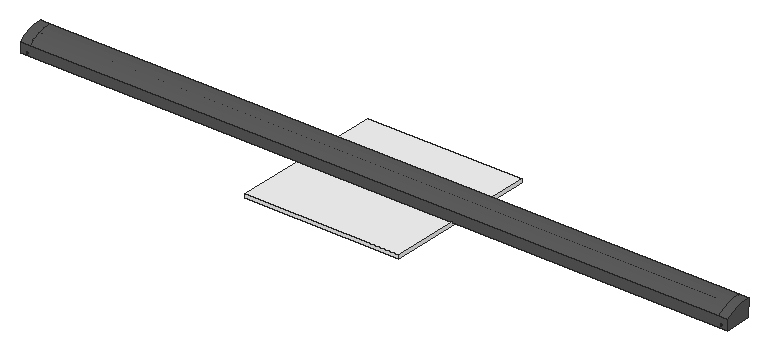
Revit family "BE_51260.5_de_DE", category Leuchten, Revit 2020
Family settings
  Basisbauteil = Fläche
  Bemaßung runder Anschluss = Durchmesser verwenden
  Teiletyp = Normal
  Beim Laden mit Abzugskörper schneiden = Ja
  Lichtquelle = Ja
  Gemeinsam genutzt = Nein
  Raumberechnungspunkt = Ja
Parameters (values of type "BEGA_51260.5_K3")
  built-in parameter 1150104 = 14.458 (stored number, unit not read)
  Wattage = 34.7 W
  Default Elevation = 0 mm
  built-in parameter 1150113 = 1 (stored number, unit not read)
  built-in parameter 1114218 = 1 (stored number, unit not read)
  Umgebungstemperatur = "25 °C"
  URL = "https://www.bega.com/de/produkt/51260.5"
  Typenkommentare = "© 2023 BEGA. Wir behalten uns das Recht vor, technische Änderungen ohne vorherige Ankündigung vorzunehmen."  # constant formula
  built-in parameter 1150134 = (empty or 0)
  built-in parameter 1150109 = 1 (stored number, unit not read)
  built-in parameter 1150110 = 1 (stored number, unit not read)
  Spannung = 239.996 V
  Sonderanfertigung = no
  Seriennummer [instance] = "Hier können Sie die eindeutige Seriennummer für das Facility Management eintragen."
  Schutzklasse = "I"
  Schutzart = "IP 20"
  Scheinlast = 0 VA
  Produktdatenblatt = "https://cdn.bega.com/bega/products/51260.5K3/current/documents/data-sheets/de"
  Neigungswinkel = 0.00°
  Modell = "51260.5K3"
  Material_35 = BEGA_Oberfläche_Samtschwarz_matt
  Material_22 = BEGA_Oberfläche_Aluminium_matt
  Material_14 = BEGA_Kunststoff_opal
  Material_06 = BEGA_Oberfläche_Edelstahl_gebürstet
  M_W = no
  M_G = no
  M_A = no
  Logo = 0
  built-in parameter 1114217 = 1 (stored number, unit not read)
  built-in parameter 1150139 = (empty or 0)
  built-in parameter 1150105 = 429.72 (stored number, unit not read)
  built-in parameter 1150114 = 1 (stored number, unit not read)
  Lumens = 5400.01 lm
  built-in parameter 1150115 = 1 (stored number, unit not read)
  Leuchtenlichtstrom = "2278 lm"
  Lebensdauerkriterien = "L70B50 @ 25 °C = 170000 h"
  Lastklassifizierung = Beleuchtung
  built-in parameter 1150112 = 1 (stored number, unit not read)
  Lampenlichtstrom = "5400 lm"
  Lampe = "LED 34.7 W"
  LED_Modulbezeichnung = "LED-1321/930"
  Hersteller = "BEGA"  # constant formula
  Frequenz = "0/50-60 Hz"
  Farbwiedergabeindex = "CRI > 90"
  Farbtemperaturverschiebung bei Dämpfen der Lampe = <Keine Auswahl>
  Farbtemperatur = "3000 K"
  Color Filter = 16777215
  built-in parameter 1150133 = 10 (stored number, unit not read)
  Energieeffizienzklasse = "LED A++ - A"
  built-in parameter 1150137 = (empty or 0)
  built-in parameter 1150132 = (empty or 0)
  Dimmbar [instance] = "DALI"
  Datei für fotometrisches Netz = "BE_51260-5K3.ies"
  CE_Konformität = "ja"
  Bestellnummer = "51260.5K3"
  Beschreibung_Sonderanfertigung = "Hier können Sie Informationen zur Sonderanfertigung eintragen."
  Beschreibung = "Wandleuchte"
  built-in parameter 1150106 = 4.2972 (stored number, unit not read)
  Befestigungsbohrung = "Ø 4,5 mm"
  Befestigungsabstand = "895 mm"
  BEGA_Intern_aus = yes
  BEGA_Intern_an = yes
  BEGA_Intern_Konstruktion = yes
  BEGA_Intern = yes
  BEGA_IES = yes
  BEGA_Dummy = no
  Anschlussleistung [instance] = "38.5 W"
  built-in parameter 1150107 = 3000 (stored number, unit not read)
  built-in parameter 1150102 = (empty or 0)
  built-in parameter 1150138 = (empty or 0)
  Aktualisierung = "2023-02-27T04:00:04"
  AC/DC = "AC/DC"
Reference planes
  plane 1 "Mitte (Vorne/Hinten)": y = 0
  plane 2: z = 0
  plane 3 "Mitte (Links/Rechts)": x = 0
  plane 4 "Links": x = -918.5
  plane 5 "Rechts": x = 918.5
  plane 6 "Unten": y = -28.98
  plane 7 "Oben": y = 36.02
  plane 8 "Vorne": z = 48
  plane 9 "Hinten": z = 0
Forms (mm)
  Extrusion 1, solid, material "BEGA_Platte_Weiss"
    sketch origin (0, -1119.2, 0) x (1, 0, 0) y (0, 1, 0)
      loop
        line (-200, 1319.2) -> (-200, 919.2) -> (200, 919.2) -> (200, 1319.2) -> (-200, 1319.2)
    from 0 to -10
  Extrusion 2, solid, material "BEGA_Dummy_matt", visible <- "BEGA_Dummy"
    sketch origin (80.095, -76.023, 0) x (1, 0, 0) y (0, 1, 0)
      loop
        line (-998.595, 112.043) -> (-998.595, 47.043) -> (838.405, 47.043) -> (838.405, 112.043) -> (-998.595, 112.043)
    from 0 to 48
Dimensions and locks
  plane 1 "Mitte (Vorne/Hinten)" to Extrusion 1 = 200 mm
  aligned and locked: plane 2 to Extrusion 1
  aligned and locked: level to Extrusion 1
Nested families
  nested 1: "BE_51260.5_Leuchte" at (0, 0, 0), type "BE_51260.5_Leuchte"
Connectors
  electrical at (0, 0, 0), driven by "Lastklassifizierung", driven by "Spannung", driven by "Scheinlast"
    settings: index 1, voltage 239.996 V, apparent load 0 VA, apparent load phase1 0 VA, apparent load phase2 0 VA, apparent load phase3 0 VA, power factor 1, load classification "Beleuchtung", number of poles 1, system type 31, power factor state 1, is connector primary yes, connector utility no, sub classification motor no, connector description ""
Definition of nested family "BE_51260.5_Leuchte"
  Parameters (values of type "BE_51260.5_Leuchte")
    Default Elevation = 1 mm
    URL = "http://www.bega.de/de/produkt"
    Type Comments = "© 2015 BEGA. Wir behalten uns das Recht vor, technische Änderungen ohne vorherige Ankündigung vorzunehmen. "  # constant formula
    Type Image = (empty or 0)
    Material_35 = none
    Material_22 = none
    Material_14 = none
    Material_06 = none
    Länge_Platte = 2000 mm  # constant formula
    Höhe_Platte = -10 mm  # constant formula
    Manufacturer = "BEGA"  # constant formula
    Breite_Platte = 200 mm  # constant formula
  Reference planes
    plane 1 "Mitte (Oben/Unten)": y = 0
    plane 2: z = 0
    plane 3 "Mitte (Links/Rechts)": x = 0
    plane 4: z = 48
    plane 5: z = 0
    plane 6: x = 918.5
    plane 7: x = -918.5
    plane 8: y = -28.98
    plane 9: y = 36.02
  Forms (mm)
    Extrusion 1, solid, detail levels medium
      sketch origin (0, 0, 0) x (1, 0, 0) y (0, 1, 0)
        loop
          line (-1000, 100) -> (-1000, -100) -> (1000, -100) -> (1000, 100) -> (-1000, 100)
      from 0 to -10 <- "Höhe_Platte"
    Extrusion 2, solid, material <- "Material_22"
      sketch origin (0, 0, 0) x (0, 1, 0) y (0, 0, 1)
        loop
          line (19.993, 1.546) -> (17.519, 4) -> (-23.48, 4) -> (-25.98, 1.5) -> (-25.98, 0) -> (-22.981, 0) -> (-22.981, 1) -> (17.02, 1) -> (17.02, 0) -> (20.026, 0) -> (19.993, 1.546)
      from -909 to 909
    Extrusion 3, solid, material <- "Material_35"
      sketch origin (0, 0, 0) x (0, 1, 0) y (0, 0, 1)
        loop
          line (-28.98, 25.462) -> (-28.98, 0.5) -> (-25.98, 0.5) -> (-25.98, 1.5) -> (-24.98, 2.5) -> (-24.98, 24.78) -> (-0.665, 30.842) -> (14.022, 10.628)
          arc (14.022, 10.628) -> (14.306, 9.844) -> (14.127, 9.029) r 1.5
          line (14.127, 9.029) -> (17.519, 4) -> (21.047, 0.5) -> (36.02, 0.5) -> (36.02, 8.567)
          arc (36.02, 8.567) -> (32.97, 8.283) -> (29.914, 8.499) r 18.747
          line (29.914, 8.499) -> (22.952, 3.441) -> (13.077, 17.032) -> (20.039, 22.091)
          arc (20.039, 22.091) -> (20.681, 24.769) -> (21.709, 27.325) r 18.747
          arc (21.709, 27.325) -> (24.01, 31.964) -> (27.026, 36.174) r 32.173
          arc (27.026, 36.174) -> (31.315, 40.785) -> (36.02, 44.973) r 66.901
          line (36.02, 44.973) -> (36.02, 48)
          arc (36.02, 48) -> (1.622, 42.206) -> (-28.98, 25.462) r 105
      from -895 to 895
    Extrusion 4, void
      sketch origin (0, 0, 0) x (1, 0, 0) y (0, 1, 0)
        loop
          line (-897.25, -0.23) -> (-897.25, -5.73)
          arc (-897.25, -5.73) -> (-895, -7.98) -> (-892.75, -5.73) r 2.25
          line (-892.75, -5.73) -> (-892.75, -0.23)
          arc (-892.75, -0.23) -> (-895, 2.02) -> (-897.25, -0.23) r 2.25
        loop
          line (-238, -9.98) -> (-187, -9.98)
          arc (-187, -9.98) -> (-180, -2.98) -> (-187, 4.02) r 7
          line (-187, 4.02) -> (-238, 4.02)
          arc (-238, 4.02) -> (-245, -2.98) -> (-238, -9.98) r 7
        loop
          arc (-158, 4.02) -> (-165, -2.98) -> (-158, -9.98) r 7
          line (-158, -9.98) -> (-107, -9.98)
          arc (-107, -9.98) -> (-100, -2.98) -> (-107, 4.02) r 7
          line (-107, 4.02) -> (-158, 4.02)
        loop
          arc (-78, 4.02) -> (-85, -2.98) -> (-78, -9.98) r 7
          line (-78, -9.98) -> (-27, -9.98)
          arc (-27, -9.98) -> (-20, -2.98) -> (-27, 4.02) r 7
          line (-27, 4.02) -> (-78, 4.02)
        loop
          arc (-2.75, -0.73) -> (-5, -2.98) -> (-2.75, -5.23) r 2.25
          line (-2.75, -5.23) -> (2.75, -5.23)
          arc (2.75, -5.23) -> (5, -2.98) -> (2.75, -0.73) r 2.25
          line (2.75, -0.73) -> (-2.75, -0.73)
        loop
          arc (27, 4.02) -> (20, -2.98) -> (27, -9.98) r 7
          line (27, -9.98) -> (78, -9.98)
          arc (78, -9.98) -> (85, -2.98) -> (78, 4.02) r 7
          line (78, 4.02) -> (27, 4.02)
        loop
          arc (107, 4.02) -> (100, -2.98) -> (107, -9.98) r 7
          line (107, -9.98) -> (158, -9.98)
          arc (158, -9.98) -> (165, -2.98) -> (158, 4.02) r 7
          line (158, 4.02) -> (107, 4.02)
        loop
          arc (187, 4.02) -> (180, -2.98) -> (187, -9.98) r 7
          line (187, -9.98) -> (238, -9.98)
          arc (238, -9.98) -> (245, -2.98) -> (238, 4.02) r 7
          line (238, 4.02) -> (187, 4.02)
        loop
          arc (267, 4.02) -> (260, -2.98) -> (267, -9.98) r 7
          line (267, -9.98) -> (318, -9.98)
          arc (318, -9.98) -> (325, -2.98) -> (318, 4.02) r 7
          line (318, 4.02) -> (267, 4.02)
        loop
          arc (347, 4.02) -> (340, -2.98) -> (347, -9.98) r 7
          line (347, -9.98) -> (398, -9.98)
          arc (398, -9.98) -> (405, -2.98) -> (398, 4.02) r 7
          line (398, 4.02) -> (347, 4.02)
        loop
          arc (427, 4.02) -> (420, -2.98) -> (427, -9.98) r 7
          line (427, -9.98) -> (478, -9.98)
          arc (478, -9.98) -> (485, -2.98) -> (478, 4.02) r 7
          line (478, 4.02) -> (427, 4.02)
        loop
          arc (507, 4.02) -> (500, -2.98) -> (507, -9.98) r 7
          line (507, -9.98) -> (558, -9.98)
          arc (558, -9.98) -> (565, -2.98) -> (558, 4.02) r 7
          line (558, 4.02) -> (507, 4.02)
        loop
          arc (587, 4.02) -> (580, -2.98) -> (587, -9.98) r 7
          line (587, -9.98) -> (638, -9.98)
          arc (638, -9.98) -> (645, -2.98) -> (638, 4.02) r 7
          line (638, 4.02) -> (587, 4.02)
        loop
          arc (667, 4.02) -> (660, -2.98) -> (667, -9.98) r 7
          line (667, -9.98) -> (718, -9.98)
          arc (718, -9.98) -> (725, -2.98) -> (718, 4.02) r 7
          line (718, 4.02) -> (667, 4.02)
        loop
          arc (747, 4.02) -> (740, -2.98) -> (747, -9.98) r 7
          line (747, -9.98) -> (798, -9.98)
          arc (798, -9.98) -> (805, -2.98) -> (798, 4.02) r 7
          line (798, 4.02) -> (747, 4.02)
        loop
          arc (827, 4.02) -> (820, -2.98) -> (827, -9.98) r 7
          line (827, -9.98) -> (878, -9.98)
          arc (878, -9.98) -> (885, -2.98) -> (878, 4.02) r 7
          line (878, 4.02) -> (827, 4.02)
        loop
          arc (892.25, -0.73) -> (890, -2.98) -> (892.25, -5.23) r 2.25
          line (892.25, -5.23) -> (897.75, -5.23)
          arc (897.75, -5.23) -> (900, -2.98) -> (897.75, -0.73) r 2.25
          line (897.75, -0.73) -> (892.25, -0.73)
      from 0 to 10.702
    Extrusion 5, solid, material <- "Material_35"
      sketch origin (0, 0, 0) x (0, 1, 0) y (0, 0, 1)
        loop
          arc (36.02, 48) -> (1.622, 42.206) -> (-28.98, 25.462) r 105
          line (-28.98, 25.462) -> (-28.98, 0.5) -> (36.02, 0.5) -> (36.02, 48)
      from -918.5 to -895
    Extrusion 6, void
      sketch origin (0, 0, 0) x (0, 1, 0) y (0, 0, 1)
        loop
          line (17.519, 4) -> (-23.48, 4) -> (-25.98, 1.5) -> (-25.98, 0.5) -> (21.047, 0.5) -> (17.519, 4)
      from -910.5 to -895
    Revolve 7, void
      sketch origin (-895, 0, 0) x (0, 1, 0) y (0, 0, 1)
        loop
          arc (27.026, 36.65) -> (24.01, 32.44) -> (21.709, 27.801) r 32.173
          arc (21.709, 27.801) -> (19.815, 20.419) -> (21.016, 12.894) r 18.747
          line (21.016, 12.894) -> (46.317, 31.277) -> (36.02, 45.449)
          arc (36.02, 45.449) -> (31.315, 41.262) -> (27.026, 36.65) r 66.901
        axis (21.016, 12.894) -> (46.317, 31.277)
      angle from 0 to 360
    Extrusion 8, void
      sketch origin (0, 0, 0) x (0, 1, 0) y (0, 0, 1)
        loop
          line (13.077, 17.032) -> (22.952, 3.441) -> (33.723, 11.266) -> (23.847, 24.857) -> (13.077, 17.032)
      from -912.5 to -895
    Extrusion 9, solid, material <- "Material_35"
      sketch origin (0, 0, 0) x (0, 1, 0) y (0, 0, -1)
        loop
          line (36.02, -48) -> (36.02, -0.5) -> (-28.98, -0.5) -> (-28.98, -25.462)
          arc (-28.98, -25.462) -> (1.622, -42.206) -> (36.02, -48) r 105
      from -918.5 to -895
    Revolve 10, void
      sketch origin (895, 0, 0) x (0, 1, 0) y (0, 0, -1)
        loop
          arc (27.026, -36.65) -> (31.315, -41.262) -> (36.02, -45.449) r 66.901
          line (36.02, -45.449) -> (46.317, -31.277) -> (21.016, -12.894)
          arc (21.016, -12.894) -> (19.815, -20.419) -> (21.709, -27.801) r 18.747
          arc (21.709, -27.801) -> (24.01, -32.44) -> (27.026, -36.65) r 32.173
        axis (21.016, -12.894) -> (46.317, -31.277)
      angle from 0 to 360
    Extrusion 11, void
      sketch origin (0, 0, 0) x (0, 1, 0) y (0, 0, -1)
        loop
          line (13.077, -17.032) -> (23.847, -24.857) -> (33.723, -11.266) -> (22.952, -3.441) -> (13.077, -17.032)
      from -912.5 to -895
    Extrusion 12, void
      sketch origin (0, 0, 0) x (0, 1, 0) y (0, 0, -1)
        loop
          line (17.519, -4) -> (21.047, -0.5) -> (-25.98, -0.5) -> (-25.98, -1.5) -> (-23.48, -4) -> (17.519, -4)
      from -910.5 to -895
    Extrusion 13, solid, material <- "Material_14"
      sketch origin (0, 0, 0) x (0, 1, 0) y (0, 0, 1)
        loop
          line (22.072, 23.197) -> (18.917, 20.904) -> (20.921, 18.146)
          arc (20.921, 18.146) -> (31.768, 20.229) -> (26.435, 10.557) r 6.1
          line (26.435, 10.557) -> (28.439, 7.798) -> (31.6, 10.095)
          arc (31.6, 10.095) -> (33.384, 21.408) -> (22.072, 23.197) r 8.1
      from -912.5 to 912.5
    Extrusion 14, void
      sketch origin (0, 0, 0) x (1, 0, 0) y (0, 0, 1)
        loop
          circle (-900.5, 7) r 2.2
        loop
          circle (900.5, 7) r 2.2
      from 19.157 to 28.98
    Extrusion 15, solid, material <- "Material_06"
      sketch origin (0, 0, 0) x (1, 0, 0) y (0, 0, 1)
        loop
          circle (900.5, 7) r 2.2
        loop
          circle (-900.5, 7) r 2.2
      from 19.157 to 28.98
    Extrusion 16, void
      sketch origin (0, 0, 0) x (1, 0, 0) y (0, 0, 1)
        loop
          line (-902.232, 7) -> (-901.366, 5.5) -> (-899.634, 5.5) -> (-898.768, 7) -> (-899.634, 8.5) -> (-901.366, 8.5) -> (-902.232, 7)
        loop
          line (898.768, 7) -> (899.634, 5.5) -> (901.366, 5.5) -> (902.232, 7) -> (901.366, 8.5) -> (899.634, 8.5) -> (898.768, 7)
      from 27.494 to 28.98
  Cuts and joins
    Extrusion 4 cuts Extrusion 2
    Extrusion 6, Extrusion 8, Extrusion 14, Extrusion 16 cuts Extrusion 3
    Extrusion 6, Revolve 7, Extrusion 8, Revolve 10, Extrusion 11, Extrusion 14, Extrusion 16 cuts Extrusion 5
    Revolve 10, Extrusion 11, Extrusion 12, Extrusion 14, Extrusion 16 cuts Extrusion 9
    joined: Extrusion 3, Extrusion 5, Extrusion 9
    Extrusion 16 cuts Extrusion 15
  Dimensions and locks
    equal spacing: Extrusion 1 sketch curve, plane 3 "Mitte (Links/Rechts)", Extrusion 1 sketch curve
    equal spacing: Extrusion 1 sketch curve, plane 1 "Mitte (Oben/Unten)", Extrusion 1 sketch curve
    "Länge_Platte": Extrusion 1 sketch curve to Extrusion 1 sketch curve
    "Breite_Platte": Extrusion 1 sketch curve to Extrusion 1 sketch curve
    plane 1 "Mitte (Oben/Unten)" to Extrusion 1 = 100 mm  (x3)
    aligned and locked: Extrusion 1 to plane 2
    aligned and locked: Extrusion 1 to level
  Automatic sketch dimensions
    Extrusion 2 sketch curve to level = 0 mm  (x2)
    plane 1 "Mitte (Oben/Unten)" to Extrusion 2 sketch curve = 25.98 mm
    level to Extrusion 2 sketch curve = 4 mm
    Extrusion 2 sketch curve to Extrusion 2 sketch curve = 2.5 mm
    level to Extrusion 2 sketch curve = 1 mm
    Extrusion 2 sketch curve to Extrusion 2 sketch curve = 2.999 mm
    Extrusion 2 sketch curve to plane 1 "Mitte (Oben/Unten)" = 17.02 mm
    Extrusion 2 sketch curve to Extrusion 2 sketch curve = 0.499 mm
    level to Extrusion 2 sketch curve = 1.546 mm
    Extrusion 2 sketch curve to Extrusion 2 sketch curve = 2.973 mm
    Extrusion 2 sketch curve to Extrusion 2 sketch curve = 0.033 mm
    Extrusion 2 sketch curve to Extrusion 2 sketch curve = 1.5 mm
    level to Extrusion 3 sketch curve = 0.5 mm  (x2)
    plane 1 "Mitte (Oben/Unten)" to Extrusion 3 sketch curve = 28.98 mm
    Extrusion 3 sketch curve to Extrusion 3 sketch curve = 3 mm
    Extrusion 3 sketch curve to Extrusion 3 sketch curve = 4 mm
    level to Extrusion 3 sketch curve = 2.5 mm
    Extrusion 3 sketch curve to Extrusion 3 sketch curve = 1 mm  (x2)
    plane 1 "Mitte (Oben/Unten)" to Extrusion 3 sketch curve = 0.665 mm
    Extrusion 3 sketch curve to plane 1 "Mitte (Oben/Unten)" = 12.81 mm
    Extrusion 3 sketch curve to Extrusion 3 sketch curve = 0.268 mm
    Extrusion 3 sketch curve to Extrusion 3 sketch curve = 1.213 mm
    level to Extrusion 3 sketch curve = 9.029 mm
    Extrusion 3 sketch curve to Extrusion 3 sketch curve = 1.318 mm
    level to Extrusion 3 sketch curve = 4 mm
    Extrusion 3 sketch curve to Extrusion 3 sketch curve = 3.392 mm
    Extrusion 3 sketch curve to Extrusion 3 sketch curve = 6.962 mm  (x2)
    Extrusion 3 sketch curve to Extrusion 3 sketch curve = 3.528 mm
    level to Extrusion 3 sketch curve = 3.441 mm
    Extrusion 3 sketch curve to Extrusion 3 sketch curve = 1.905 mm
    level to Extrusion 3 sketch curve = 8.499 mm
    Extrusion 3 sketch curve to Extrusion 3 sketch curve = 12.722 mm
    Extrusion 3 sketch curve to Extrusion 3 sketch curve = 6.106 mm
    Extrusion 3 sketch curve to Extrusion 3 sketch curve = 3.259 mm
    Extrusion 3 sketch curve to Extrusion 3 sketch curve = 5.781 mm
    Extrusion 3 sketch curve to Extrusion 3 sketch curve = 13.045 mm
    Extrusion 3 sketch curve to level = 7.037 mm
    Extrusion 3 sketch curve to Extrusion 3 sketch curve = 26.513 mm
    Extrusion 3 sketch curve to level = 57 mm
    Extrusion 3 sketch curve to Extrusion 3 sketch curve = 0.068 mm
    Extrusion 3 sketch curve to Extrusion 3 sketch curve = 0.716 mm
    level to Extrusion 3 sketch curve = 15.393 mm
    Extrusion 3 sketch curve to Extrusion 3 sketch curve = 6.404 mm
    Extrusion 3 sketch curve to Extrusion 3 sketch curve = 7.956 mm
    Extrusion 3 sketch curve to Extrusion 3 sketch curve = 5.058 mm
    Extrusion 3 sketch curve to Extrusion 3 sketch curve = 22.28 mm
    Extrusion 3 sketch curve to Extrusion 3 sketch curve = 0.682 mm
    Extrusion 3 sketch curve to Extrusion 3 sketch curve = 13.81 mm
    Extrusion 3 sketch curve to Extrusion 3 sketch curve = 3.027 mm
    Extrusion 3 sketch curve to Extrusion 3 sketch curve = 1.669 mm
    plane 1 "Mitte (Oben/Unten)" to Extrusion 4 sketch curve = 0.23 mm
    Extrusion 4 sketch curve to plane 3 "Mitte (Links/Rechts)" = 897.25 mm
    Extrusion 4 sketch curve to Extrusion 4 sketch curve = 2.25 mm  (x2)
    plane 1 "Mitte (Oben/Unten)" to Extrusion 4 sketch curve = 9.98 mm  (x7)
    Extrusion 4 sketch curve to plane 3 "Mitte (Links/Rechts)" = 238 mm
    Extrusion 4 sketch curve to plane 1 "Mitte (Oben/Unten)" = 4.02 mm  (x14)
    Extrusion 4 sketch curve to Extrusion 4 sketch curve = 51 mm  (x13)
    Extrusion 4 sketch curve to Extrusion 4 sketch curve = 29 mm  (x12)
    plane 1 "Mitte (Oben/Unten)" to Extrusion 4 sketch curve = 2.98 mm  (x8)
    Extrusion 4 sketch curve to plane 3 "Mitte (Links/Rechts)" = 27 mm
    Extrusion 4 sketch curve to plane 3 "Mitte (Links/Rechts)" = 2.75 mm
    plane 1 "Mitte (Oben/Unten)" to Extrusion 4 sketch curve = 0.73 mm
    plane 3 "Mitte (Links/Rechts)" to Extrusion 4 sketch curve = 2.75 mm
    Extrusion 4 sketch curve to Extrusion 4 sketch curve = 24.25 mm
    Extrusion 4 sketch curve to Extrusion 4 sketch curve = 14.25 mm
    Extrusion 4 sketch curve to Extrusion 4 sketch curve = 5.5 mm  (x2)
    Extrusion 4 sketch curve to Extrusion 4 sketch curve = 4.5 mm
    level to Extrusion 5 sketch curve = 0.5 mm
    plane 1 "Mitte (Oben/Unten)" to Extrusion 5 sketch curve = 28.98 mm
    Extrusion 5 sketch curve to plane 1 "Mitte (Oben/Unten)" = 36.02 mm
    Extrusion 5 sketch curve to level = 57 mm
    Extrusion 5 sketch curve to Extrusion 5 sketch curve = 24.962 mm
    level to Extrusion 6 sketch curve = 0.5 mm
    plane 1 "Mitte (Oben/Unten)" to Extrusion 6 sketch curve = 25.98 mm
    level to Extrusion 6 sketch curve = 4 mm
    Extrusion 6 sketch curve to Extrusion 6 sketch curve = 2.5 mm
    Extrusion 6 sketch curve to plane 1 "Mitte (Oben/Unten)" = 17.519 mm
    Extrusion 6 sketch curve to Extrusion 6 sketch curve = 3.528 mm
    Extrusion 6 sketch curve to Extrusion 6 sketch curve = 1 mm
    Revolve 7 sketch curve to Extrusion 5 = 0 mm
    Revolve 7 sketch curve to Extrusion 5 = 15.004 mm
    Extrusion 5 to Revolve 7 sketch curve = 2.522 mm
    Extrusion 5 to Revolve 7 sketch curve = 10.297 mm
    Revolve 7 sketch curve to Revolve 7 sketch curve = 13.045 mm
    Extrusion 5 to Revolve 7 sketch curve = 7.061 mm
    Revolve 7 sketch curve to Revolve 7 sketch curve = 26.513 mm
    Revolve 7 sketch curve to Extrusion 5 = 12.394 mm
    Revolve 7 sketch curve to Extrusion 5 = 15.37 mm
    Revolve 7 sketch curve to Revolve 7 sketch curve = 3.679 mm
    Revolve 7 sketch curve to Revolve 7 sketch curve = 11.728 mm
    Revolve 7 sketch curve to Revolve 7 sketch curve = 0 mm
    Revolve 7 sketch curve to Revolve 7 sketch curve = 1.205 mm
    Revolve 7 sketch curve to Revolve 7 sketch curve = 1.588 mm
    Revolve 7 sketch curve to Revolve 7 sketch curve = 0.876 mm
    Revolve 7 sketch curve to Revolve 7 sketch curve = 1.154 mm
    Extrusion 8 sketch curve to plane 1 "Mitte (Oben/Unten)" = 13.077 mm
    level to Extrusion 8 sketch curve = 3.441 mm
    Extrusion 8 sketch curve to Extrusion 8 sketch curve = 9.875 mm
    Extrusion 8 sketch curve to Extrusion 8 sketch curve = 10.77 mm  (x2)
    level to Extrusion 8 sketch curve = 11.266 mm
    Extrusion 8 sketch curve to Extrusion 8 sketch curve = 13.591 mm
    Extrusion 8 sketch curve to Extrusion 8 sketch curve = 7.825 mm
    level to Extrusion 9 sketch curve = 0.5 mm
    plane 1 "Mitte (Oben/Unten)" to Extrusion 9 sketch curve = 28.98 mm
    Extrusion 9 sketch curve to plane 1 "Mitte (Oben/Unten)" = 36.02 mm
    Extrusion 9 sketch curve to Extrusion 9 sketch curve = 24.962 mm
    Extrusion 9 sketch curve to Extrusion 9 sketch curve = 47.5 mm
    Revolve 10 sketch curve to plane 1 "Mitte (Oben/Unten)" = 21.016 mm
    Revolve 10 sketch curve to Revolve 10 sketch curve = 15.004 mm
    Revolve 10 sketch curve to Revolve 10 sketch curve = 17.526 mm
    level to Revolve 10 sketch curve = 31.277 mm
    Revolve 10 sketch curve to Revolve 10 sketch curve = 7.775 mm
    Revolve 10 sketch curve to Revolve 10 sketch curve = 13.045 mm
    Revolve 10 sketch curve to level = 6.561 mm
    Revolve 10 sketch curve to Revolve 10 sketch curve = 26.513 mm
    Revolve 10 sketch curve to Revolve 10 sketch curve = 14.172 mm
    Revolve 10 sketch curve to Revolve 10 sketch curve = 11.728 mm
    Revolve 10 sketch curve to Revolve 10 sketch curve = 3.679 mm
    Revolve 10 sketch curve to Revolve 10 sketch curve = 5.317 mm
    Revolve 10 sketch curve to Revolve 10 sketch curve = 1.205 mm
    Revolve 10 sketch curve to Revolve 10 sketch curve = 1.588 mm
    Revolve 10 sketch curve to Revolve 10 sketch curve = 1.154 mm
    Revolve 10 sketch curve to Revolve 10 sketch curve = 0.876 mm
    Extrusion 11 sketch curve to plane 1 "Mitte (Oben/Unten)" = 13.077 mm
    level to Extrusion 11 sketch curve = 3.441 mm
    Extrusion 11 sketch curve to Extrusion 11 sketch curve = 9.875 mm
    Extrusion 11 sketch curve to Extrusion 11 sketch curve = 10.77 mm  (x2)
    level to Extrusion 11 sketch curve = 11.266 mm
    Extrusion 11 sketch curve to Extrusion 11 sketch curve = 13.591 mm
    Extrusion 11 sketch curve to Extrusion 11 sketch curve = 7.825 mm
    level to Extrusion 12 sketch curve = 0.5 mm
    plane 1 "Mitte (Oben/Unten)" to Extrusion 12 sketch curve = 25.98 mm
    level to Extrusion 12 sketch curve = 4 mm
    Extrusion 12 sketch curve to Extrusion 12 sketch curve = 2.5 mm
    Extrusion 12 sketch curve to plane 1 "Mitte (Oben/Unten)" = 17.519 mm
    Extrusion 12 sketch curve to Extrusion 12 sketch curve = 3.528 mm
    Extrusion 12 sketch curve to Extrusion 12 sketch curve = 1 mm
    Extrusion 13 sketch curve to Extrusion 13 sketch curve = 0 mm  (x4)
    Extrusion 13 sketch curve to plane 1 "Mitte (Oben/Unten)" = 26.435 mm
    Extrusion 13 sketch curve to Extrusion 13 sketch curve = 0.398 mm
    level to Extrusion 13 sketch curve = 7.798 mm
    Extrusion 13 sketch curve to Extrusion 13 sketch curve = 2.004 mm  (x2)
    level to Extrusion 13 sketch curve = 10.095 mm
    Extrusion 13 sketch curve to Extrusion 13 sketch curve = 3.161 mm
    Extrusion 13 sketch curve to Extrusion 13 sketch curve = 6.087 mm
    Extrusion 13 sketch curve to Extrusion 13 sketch curve = 4.761 mm
    Extrusion 13 sketch curve to Extrusion 13 sketch curve = 1.151 mm
    Extrusion 13 sketch curve to Extrusion 13 sketch curve = 2.758 mm
    Extrusion 15 sketch curve to Extrusion 15 sketch curve = 0 mm  (x2)
    level to Extrusion 15 sketch curve = 7 mm  (x2)
    Extrusion 15 sketch curve to plane 3 "Mitte (Links/Rechts)" = 900.5 mm
    plane 3 "Mitte (Links/Rechts)" to Extrusion 15 sketch curve = 900.5 mm
    Extrusion 15 sketch curve to Extrusion 15 sketch curve = 2.2 mm
    level to Extrusion 16 sketch curve = 8.5 mm  (x2)
    Extrusion 16 sketch curve to plane 3 "Mitte (Links/Rechts)" = 901.366 mm
    Extrusion 16 sketch curve to Extrusion 16 sketch curve = 0.866 mm  (x7)
    Extrusion 16 sketch curve to Extrusion 16 sketch curve = 1.732 mm  (x2)
    Extrusion 16 sketch curve to Extrusion 16 sketch curve = 1.5 mm  (x2)
    level to Extrusion 16 sketch curve = 7 mm  (x4)
    plane 3 "Mitte (Links/Rechts)" to Extrusion 16 sketch curve = 901.366 mm
    Extrusion 16 sketch curve to Extrusion 16 sketch curve = 2.598 mm
    radius of Extrusion 15 sketch curve = 2.2 mm
